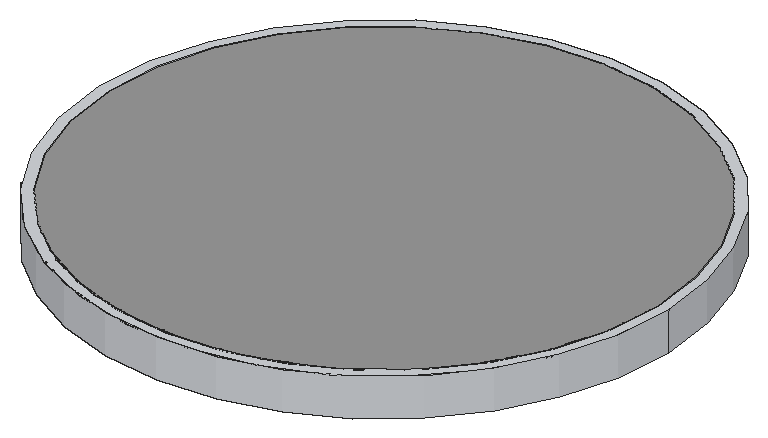
Revit family "2071270", category Lighting Fixtures, host Face, Revit 2018
Family settings
  Host = Face
  Round Connector Dimension = Use Diameter
  Part Type = Normal
  OmniClass Number = 23.80.70.00
  OmniClass Title = Lighting
  Cut with Voids When Loaded = No
  Light Source = Yes
  Shared = No
  Room Calculation Point = No
Parameters (values of type "2071270 COLOSSAL 900 840 PR DIR+H WHT DALI EM")
  iner diameter = 856 mm
  Weight = "n/a"
  Wattage Comments = ""
  Wattage = 30 W
  WarrantyStartDate [instance] = "n/a"
  WarrantyGuarantorParts = "n/a"
  WarrantyDurationUnit = "n/a"
  WarrantyDurationParts = ""
  WarrantyDescription = "http://www.sylvania-lighting.com"
  built-in parameter 1150110 = 1 (stored number, unit not read)
  Voltage = 230 V
  URL = "0.99"
  TypeName = "COLOSSAL 900mm 840 PRISM DIR+HAL WHITE DALI EM"
  Type Image = <None>
  Type Comments = "n/a"
  built-in parameter 1114217 = 1 (stored number, unit not read)
  Tilt Angle = -90.00°
  built-in parameter 1150109 = 1 (stored number, unit not read)
  built-in parameter 1150134 = (empty or 0)
  built-in parameter 1150113 = 1 (stored number, unit not read)
  SerialNumber [instance] = "n/a"
  Photometric Web File = "2071270.ies"
  Material_3_SYL = LED-Sylvania
  PowerFactor = 0
  PowerConsumption = "Lighting"
  NominalLength = 888 mm
  NominalHeight = 93 mm
  NominalDepth = 888 mm
  Name = "COLOSSAL 900mm 840 PRISM DIR+HAL WHITE DALI EM"
  ModelReference = Name  # "COLOSSAL 900mm 840 PRISM DIR+HAL WHITE DALI EM"
  ModelNumber = "2071270"
  Model = Name  # "COLOSSAL 900mm 840 PRISM DIR+HAL WHITE DALI EM"
  Material = "Feilo Sylvania"
  ManufacturerName = "138 lm/W"
  Manufacturer = ""
  LuminousEfficacy = ""
  built-in parameter 1150105 = 270.44 (stored number, unit not read)
  Lumens = 3398.4 lm
  LuminaireType = "0"
  built-in parameter 1150115 = 1 (stored number, unit not read)
  LightOutputRatio = "LED"
  built-in parameter 1150137 = (empty or 0)
  built-in parameter 1150139 = (empty or 0)
  LampsType = Lamp  # "n/a"
  LampNominalLuminous = "4000 K"
  LampMacAdamStep = "80"
  LampColourTemperature = "LED"
  LampColourRenderingIndex = "16500"
  built-in parameter 1150112 = 1 (stored number, unit not read)
  built-in parameter 1150114 = 1 (stored number, unit not read)
  Lamp = "n/a"
  Keynote = "n/a"
  InstallationDate [instance] = "n/a"
  InputVoltage = "0"
  InputNominalFrequency = "4000"
  built-in parameter 1150132 = (empty or 0)
  built-in parameter 1150102 = (empty or 0)
  built-in parameter 1150107 = 3000 (stored number, unit not read)
  built-in parameter 1150138 = (empty or 0)
  IngressProtection = "IfcLightFixtureType"
  ImpactProtectionIndex = "IfcLightFixtureType"
  built-in parameter 1150106 = 2.7044 (stored number, unit not read)
  IfcExportType = "IfcLightFixtureType"
  IfcExportAs = "Class I"
  Emit from Circle Diameter = 385 mm
  Emit Shape Visible in Rendering = no
  ElectricShockClassification = "138"
  built-in parameter 1150104 = 10.524 (stored number, unit not read)
  DocumentationLiterature = "http://www.sylvania-lighting.com/product/en-int/products/2071270"
  DimmingControlOptions = "n/a"
  Material_2_SYL = Polycarbonate_Sylvania_White
  Dimming Lamp Color Temperature Shift = <None>
  Description = "900mm diameter circular architectural luminaire, can be surface mounted or suspended. Powder coated aluminium housing (RAL9016) with PMMA prismatic diffuser. Direct/indirect (halo) light distribution, 8285lm luminuous flux, 60W system power, 138lm/W luminiaire efficacy. DALI dimmable. 3 hours integrated emergency. Colour rendering index Ra >80, 4000K Neutral White LED, chromaticity tolerance of 3-step MacAdam ellipse. IP40/IP20, IK03. 350mA drive current. UGR≤19. Electrical protection Class1, 220-240V. Reported lifetime 66k hours L90B10."
  Default Elevation = 1219.2 mm
  CreatedOn = "23/03/2022"
  CreatedBy = "@sylvania-lighting.com"
  Cost = 0
  Color Filter = 16777215
  built-in parameter 1114216 [instance] = (empty or 0)
  ClassificationValue = "EF_70_80"
  ClassificationName = "Uniclass2015"
  Material_1_SYL = Polycarbonate_Sylvania_Opal
  BarCode [instance] = "n/a"
  built-in parameter 1114218 = 1 (stored number, unit not read)
  built-in parameter 1150133 = 10 (stored number, unit not read)
  AssetType = "Fixed"
  AssetIdentifier [instance] = "n/a"
  Assembly Code = "D5020200"
  Apparent Load = 60 VA
  Material_4_SYL = none
Reference planes
  plane 1 "Center (Front/Back)": y = 0
  plane 2: z = 0
  plane 3 "Center (Left/Right)": x = 0
  plane 4: z = 1.161
  plane 5: z = 16.161
  plane 6: x = -444
  plane 7: x = 444
  plane 8: y = 444
  plane 9: y = -444
  plane 10: y = 236
  plane 11: y = -236
  plane 12: x = 85
  plane 13: x = -85
  plane 14: through (0, 0, 1219.2) normal (0.5, 0.866, 0)
  plane 15: through (42.5, 73.612, 1219.2) normal (0.5, 0.866, 0)
  plane 16: through (-42.5, -73.612, 1219.2) normal (0.5, 0.866, 0)
  plane 17: through (0, 0, 1219.2) normal (0.5, -0.866, 0)
  plane 18: through (-42.5, 73.612, 1219.2) normal (0.5, -0.866, 0)
  plane 19: through (42.5, -73.612, 1219.2) normal (0.5, -0.866, 0)
  plane 20: z = 93
  plane 21: y = 428
  plane 22: y = -428
Forms (mm)
  Extrusion 1, solid, detail levels medium+fine
    sketch origin (0, 0, 0) x (0.866025, -0.5, 0) y (0.5, 0.866025, 0)
      loop
        circle (-50, 86.603) r 22
    from 0 to 2
  Extrusion 2, solid, detail levels medium+fine
    sketch origin (0, 0, 0) x (0.866025, -0.5, 0) y (0.5, 0.866025, 0)
      loop
        circle (100, 0) r 22
      loop
        circle (-50, -86.603) r 22
    from 0 to 2
  Blend 3, solid, detail levels medium+fine
    base sketch origin (0, 0, 0) x (1, 0, 0) y (0, 1, 0)
      loop
        line (-85, 236) -> (-246.882, -44.388) -> (-161.882, -191.612) -> (161.882, -191.612) -> (246.882, -44.388) -> (85, 236) -> (-85, 236)
    top sketch origin (0, 0, 0) x (1, 0, 0) y (0, 1, 0)
      loop
        line (-85, 283.076) -> (-287.651, -67.926) -> (-207.792, -218.119) -> (207.792, -218.119) -> (292.5, -71.401) -> (85, 283.076) -> (-85, 283.076)
    from 0 to 33.022
  Extrusion 4, solid, detail levels medium+fine
    sketch origin (0, 0, 0) x (1, 0, 0) y (0, 1, 0)
      loop
        circle (0, 0) r 444
    from 33.022 to 93
  Extrusion 5, void
    sketch origin (0, 0, 0) x (1, 0, 0) y (0, 1, 0)
      loop
        circle (0, 0) r 428
    from 96.588 to 37.292
  Extrusion 6, solid, material "Glass, White, High Luminance", detail levels fine
    sketch origin (0, 0, 0) x (1, 0, 0) y (0, 1, 0)
      loop
        circle (0, 0) r 428
    from 87.991 to 93
  Extrusion 7, solid, detail levels coarse
    sketch origin (0, 0, 0) x (1, 0, 0) y (0, 1, 0)
      loop
        line (-444, 444) -> (-444, -444) -> (444, -444) -> (444, 444) -> (-444, 444)
    from 0 to 93.648
Cuts and joins
  Extrusion 5 cuts Extrusion 1
  Extrusion 5 cuts Extrusion 2
  Extrusion 5 cuts Blend 3
  Extrusion 5 cuts Extrusion 4
Lines and regions (mm)
  model lines, detail levels medium+fine
    curve 1: circle (0, 0, 0) r 100 normal (0, 0, 1)
Dimensions and locks
  "NominalDepth": plane 8 to plane 9
  plane 8 to plane 1 "Center (Front/Back)" to plane 9 = 444 mm, 444 mm
  "NominalLength": plane 6 to plane 7
  equal spacing: plane 6, plane 3 "Center (Left/Right)", plane 7
  "NominalHeight": level to plane 20
  "iner diameter": plane 21 to plane 22
  equal spacing: plane 21, plane 1 "Center (Front/Back)", plane 22
  aligned and locked: plane 2 to host face
  aligned and locked: level to host face
Automatic sketch dimensions
  host sketch curve to host sketch curve = 2438.4 mm  (x2)
  Extrusion 1 sketch curve to plane 3 "Center (Left/Right)" = 0 mm
  Extrusion 1 sketch curve to plane 1 "Center (Front/Back)" = 100 mm
  plane 1 "Center (Front/Back)" to Extrusion 2 sketch curve = 50 mm
  Extrusion 2 sketch curve to plane 3 "Center (Left/Right)" = 86.603 mm
  Extrusion 2 sketch curve to Extrusion 2 sketch curve = 150 mm
  Extrusion 2 sketch curve to Extrusion 2 sketch curve = 86.603 mm
  plane 1 "Center (Front/Back)" to curve 1 = 0 mm
  curve 1 to plane 3 "Center (Left/Right)" = 0 mm
  plane 18 to Blend 3 sketch curve = 0 mm  (x2)
  plane 19 to Blend 3 sketch curve = 0 mm  (x2)
  Blend 3 sketch curve to plane 10 = 0 mm
  Blend 3 sketch curve to plane 13 = 0 mm  (x2)
  Blend 3 sketch curve to plane 12 = 0 mm  (x2)
  Blend 3 sketch curve to plane 16 = 0 mm  (x2)
  Blend 3 sketch curve to plane 15 = 0 mm
  plane 11 to Blend 3 sketch curve = 44.388 mm
  plane 1 "Center (Front/Back)" to Blend 3 sketch curve = 44.388 mm  (x2)
  plane 11 to Blend 3 sketch curve = 17.881 mm
  plane 1 "Center (Front/Back)" to Blend 3 sketch curve = 67.926 mm
  plane 1 "Center (Front/Back)" to Blend 3 sketch curve = 71.401 mm
  Blend 3 sketch curve to plane 7 = 151.5 mm
  plane 10 to Blend 3 sketch curve = 47.076 mm
  plane 1 "Center (Front/Back)" to Extrusion 4 sketch curve = 0 mm
  Extrusion 4 sketch curve to plane 3 "Center (Left/Right)" = 0 mm
  plane 1 "Center (Front/Back)" to Extrusion 5 sketch curve = 0 mm
  Extrusion 5 sketch curve to plane 3 "Center (Left/Right)" = 0 mm
  plane 1 "Center (Front/Back)" to Extrusion 6 sketch curve = 0 mm
  Extrusion 6 sketch curve to plane 3 "Center (Left/Right)" = 0 mm
  Extrusion 7 sketch curve to plane 6 = 0 mm
  Extrusion 7 sketch curve to plane 7 = 0 mm
  Extrusion 7 sketch curve to plane 9 = 0 mm
  Extrusion 7 sketch curve to plane 8 = 0 mm
  radius of Extrusion 1 sketch curve = 22 mm
  radius of Extrusion 2 sketch curve = 22 mm  (x2)
  radius of curve 1 = 100 mm
  radius of Extrusion 4 sketch curve = 444 mm
  radius of Extrusion 5 sketch curve = 428 mm
  radius of Extrusion 6 sketch curve = 428 mm
Connectors
  electrical at (0, 0, 0), driven by "Apparent Load", driven by "PowerFactor", driven by "Voltage"
    settings: index 1, voltage 230 V, apparent load 60 VA, apparent load phase1 0 VA, apparent load phase2 0 VA, apparent load phase3 0 VA, power factor 0, load classification "Lighting", number of poles 1, system type 30, power factor state 1, is connector primary yes, connector utility no, sub classification motor no, connector description ""
